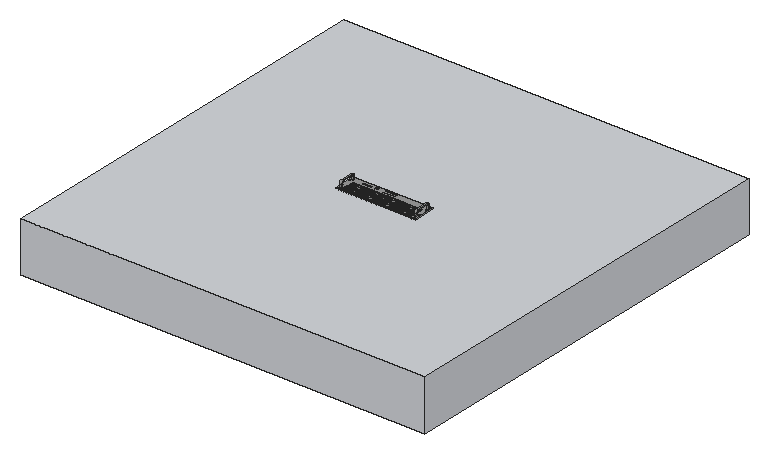
Revit family "IPS-10000", category Allgemeines Modell, Revit 2019 (continued)
Cuts and joins
  Extrusion 6, Extrusion 7, Extrusion 8, Extrusion 9, Extrusion 10, Extrusion 11, Extrusion 12, Extrusion 13, Extrusion 14, Extrusion 15, Extrusion 16, Extrusion 17, Extrusion 18, Extrusion 19, Extrusion 29, Extrusion 30, Extrusion 31, Extrusion 32, Extrusion 33, Extrusion 34, Extrusion 35, Extrusion 36, Extrusion 37, Extrusion 39, Extrusion 40, Extrusion 41, Extrusion 42, Extrusion 43, Extrusion 44, Extrusion 45, Extrusion 46, Extrusion 47, Extrusion 48, Extrusion 49, Extrusion 50, Extrusion 51, Extrusion 52, Extrusion 53, Extrusion 54, Extrusion 55, Extrusion 56, Extrusion 57, Extrusion 58, Extrusion 59, Extrusion 60, Extrusion 61, Extrusion 62, Extrusion 63, Extrusion 64, Extrusion 65, Extrusion 66, Extrusion 67, Extrusion 68, Extrusion 69, Extrusion 70, Extrusion 71, Extrusion 72, Extrusion 73, Extrusion 74, Extrusion 75, Extrusion 76, Extrusion 77, Extrusion 78, Extrusion 79, Extrusion 80, Extrusion 81, Extrusion 82, Extrusion 83, Extrusion 84, Extrusion 85, Extrusion 86, Extrusion 87, Extrusion 88, Extrusion 89, Extrusion 90, Extrusion 91, Extrusion 92, Extrusion 93, Extrusion 94, Extrusion 95, Extrusion 96, Extrusion 97, Extrusion 98, Extrusion 99, Extrusion 100, Extrusion 101, Extrusion 102, Extrusion 103, Extrusion 104, Extrusion 105, Extrusion 106, Extrusion 107, Extrusion 108, Extrusion 109, Extrusion 110, Extrusion 111, Extrusion 112, Extrusion 113, Extrusion 114, Extrusion 115, Extrusion 116, Extrusion 117, Extrusion 118, Extrusion 119, Extrusion 120, Extrusion 121, Extrusion 122, Extrusion 123, Extrusion 124, Extrusion 125, Extrusion 126, Extrusion 127, Extrusion 128, Extrusion 129, Extrusion 130, Extrusion 131, Extrusion 132, Extrusion 133, Extrusion 134, Extrusion 135, Extrusion 136, Extrusion 137, Extrusion 138, Extrusion 139, Extrusion 140, Extrusion 141, Extrusion 142, Extrusion 143, Extrusion 144, Extrusion 145, Extrusion 146, Extrusion 147, Extrusion 148, Extrusion 149, Extrusion 150, Extrusion 151, Extrusion 152, Extrusion 153, Extrusion 154, Extrusion 155, Extrusion 156, Extrusion 157, Extrusion 158, Extrusion 167, Extrusion 168, Extrusion 169, Extrusion 170, Extrusion 171, Extrusion 172, Extrusion 173, Extrusion 174, Extrusion 175, Extrusion 176, Extrusion 177, Extrusion 178, Extrusion 179, Extrusion 180, Extrusion 181, Extrusion 182, Extrusion 183, Extrusion 184, Extrusion 185, Extrusion 186, Extrusion 187, Extrusion 188, Extrusion 189, Extrusion 190, Extrusion 191, Extrusion 192, Extrusion 193, Extrusion 194, Extrusion 195, Extrusion 196, Extrusion 197, Extrusion 198, Extrusion 199, Extrusion 200, Extrusion 201, Extrusion 202, Extrusion 203, Extrusion 204, Extrusion 205, Extrusion 206, Extrusion 207, Extrusion 208, Extrusion 209, Extrusion 210, Extrusion 211, Extrusion 212, Extrusion 213, Extrusion 214, Extrusion 215, Extrusion 216, Extrusion 217, Extrusion 218, Extrusion 219, Extrusion 220, Extrusion 221, Extrusion 222, Extrusion 223, Extrusion 224, Extrusion 225, Extrusion 226, Extrusion 227, Extrusion 228, Extrusion 229, Extrusion 230, Extrusion 231, Extrusion 232, Extrusion 233, Extrusion 234, Extrusion 235, Extrusion 236, Extrusion 237, Extrusion 238, Extrusion 239, Extrusion 240, Extrusion 241, Extrusion 242, Extrusion 243, Extrusion 244, Extrusion 245, Extrusion 246, Extrusion 247, Extrusion 248, Extrusion 249, Extrusion 250, Extrusion 251, Extrusion 252, Extrusion 253, Extrusion 254, Extrusion 255, Extrusion 256, Extrusion 257, Extrusion 258, Extrusion 259, Extrusion 260, Extrusion 261, Extrusion 262, Extrusion 263, Extrusion 264, Extrusion 265, Extrusion 266, Extrusion 267, Extrusion 268, Extrusion 269, Extrusion 270, Extrusion 271, Extrusion 272, Extrusion 273, Extrusion 274, Extrusion 275, Extrusion 276, Extrusion 277, Extrusion 278, Extrusion 279, Extrusion 280, Extrusion 281, Extrusion 282, Extrusion 283, Extrusion 284, Extrusion 285, Extrusion 286, Extrusion 287, Extrusion 288, Extrusion 289, Extrusion 290, Extrusion 291, Extrusion 292, Extrusion 293, Extrusion 294, Extrusion 295, Extrusion 296, Extrusion 297, Extrusion 298, Extrusion 299, Extrusion 300, Extrusion 301, Extrusion 302, Extrusion 303, Extrusion 304, Extrusion 305, Extrusion 306, Extrusion 307, Extrusion 308, Extrusion 309, Extrusion 310, Extrusion 311, Extrusion 312, Extrusion 313, Extrusion 314, Extrusion 315, Extrusion 316, Extrusion 317, Extrusion 318, Extrusion 319, Extrusion 320, Extrusion 321, Extrusion 322, Extrusion 323, Extrusion 324, Extrusion 325, Extrusion 326, Extrusion 327, Extrusion 328, Extrusion 329, Extrusion 330, Extrusion 331, Extrusion 332, Extrusion 333, Extrusion 334, Extrusion 335, Extrusion 336, Extrusion 337, Extrusion 338, Extrusion 339, Extrusion 340, Extrusion 341, Extrusion 342, Extrusion 343, Extrusion 344, Extrusion 345, Extrusion 346, Extrusion 347, Extrusion 348, Extrusion 349, Extrusion 350, Extrusion 351, Extrusion 352, Extrusion 353, Extrusion 354, Extrusion 355, Extrusion 356, Extrusion 357, Extrusion 358, Extrusion 359, Extrusion 360, Extrusion 361, Extrusion 362, Extrusion 363, Extrusion 364, Extrusion 365, Extrusion 366, Extrusion 367, Extrusion 368, Extrusion 369, Extrusion 370, Extrusion 371, Extrusion 372, Extrusion 373, Extrusion 374, Extrusion 375, Extrusion 376, Extrusion 377, Extrusion 378, Extrusion 379, Extrusion 380, Extrusion 381, Extrusion 382, Extrusion 383, Extrusion 384, Extrusion 385, Extrusion 386, Extrusion 387, Extrusion 388, Extrusion 389, Extrusion 390, Extrusion 391, Extrusion 392, Extrusion 393, Extrusion 394, Extrusion 395, Extrusion 396, Extrusion 397, Extrusion 398, Extrusion 399, Extrusion 400, Extrusion 401, Extrusion 402, Extrusion 403, Extrusion 404, Extrusion 405, Extrusion 406, Extrusion 407, Extrusion 408, Extrusion 409, Extrusion 410, Extrusion 411, Extrusion 412, Extrusion 413, Extrusion 414, Extrusion 415, Extrusion 416, Extrusion 417, Extrusion 418, Extrusion 419, Extrusion 420, Extrusion 421, Extrusion 422, Extrusion 423, Extrusion 424, Extrusion 425, Extrusion 426, Extrusion 427, Extrusion 428, Extrusion 429, Extrusion 430, Extrusion 431, Extrusion 432, Extrusion 433, Extrusion 434, Extrusion 435, Extrusion 436, Extrusion 437, Extrusion 438, Extrusion 439, Extrusion 440, Extrusion 441, Extrusion 442, Extrusion 443, Extrusion 444, Extrusion 445, Extrusion 446, Extrusion 447, Extrusion 448, Extrusion 449, Extrusion 450, Extrusion 451, Extrusion 452, Extrusion 453, Extrusion 454, Extrusion 455, Extrusion 456, Extrusion 457, Extrusion 458, Extrusion 459, Extrusion 460, Extrusion 461, Extrusion 462, Extrusion 463, Extrusion 464, Extrusion 465, Extrusion 466, Extrusion 467, Extrusion 468, Extrusion 469, Extrusion 470, Extrusion 471, Extrusion 472, Extrusion 473, Extrusion 474, Extrusion 475, Extrusion 476, Extrusion 477, Extrusion 478, Extrusion 479, Extrusion 480, Extrusion 481, Extrusion 482, Extrusion 483, Extrusion 484, Extrusion 485, Extrusion 486, Extrusion 487, Extrusion 488, Extrusion 489, Extrusion 490, Extrusion 491, Extrusion 492, Extrusion 493, Extrusion 494, Extrusion 495, Extrusion 496, Extrusion 497, Extrusion 498, Extrusion 499, Extrusion 500, Extrusion 501, Extrusion 502, Extrusion 503, Extrusion 504, Extrusion 505, Extrusion 506, Extrusion 507, Extrusion 508, Extrusion 509, Extrusion 510, Extrusion 511, Extrusion 512, Extrusion 513, Extrusion 514, Extrusion 515, Extrusion 516, Extrusion 517, Extrusion 518, Extrusion 519, Extrusion 520, Extrusion 521, Extrusion 522, Extrusion 523, Extrusion 524, Extrusion 525, Extrusion 526, Extrusion 527, Extrusion 528, Extrusion 529, Extrusion 530, Extrusion 531, Extrusion 532, Extrusion 533, Extrusion 534, Extrusion 535, Extrusion 536, Extrusion 537, Extrusion 538, Extrusion 539, Extrusion 540, Extrusion 541, Extrusion 542, Extrusion 543, Extrusion 544, Extrusion 545, Extrusion 546, Extrusion 547, Extrusion 548, Extrusion 549, Extrusion 550, Extrusion 551, Extrusion 552, Extrusion 553, Extrusion 554, Extrusion 555, Extrusion 556, Extrusion 557, Extrusion 558, Extrusion 559, Extrusion 560, Extrusion 561, Extrusion 562, E
    xtrusion 563, Extrusion 564, Extrusion 565, Extrusion 566, Extrusion 567, Extrusion 568, Extrusion 569, Extrusion 570, Extrusion 571, Extrusion 572, Extrusion 573, Extrusion 574, Extrusion 575, Extrusion 576, Extrusion 577, Extrusion 578, Extrusion 579, Extrusion 580, Extrusion 581, Extrusion 582, Extrusion 583, Extrusion 584, Extrusion 585, Extrusion 586, Extrusion 587, Extrusion 588, Extrusion 589, Extrusion 590, Extrusion 591, Extrusion 592, Extrusion 593, Extrusion 594, Extrusion 595, Extrusion 596, Extrusion 597, Extrusion 598, Extrusion 599, Extrusion 600, Extrusion 601, Extrusion 602, Extrusion 603, Extrusion 604, Extrusion 605, Extrusion 606, Extrusion 607, Extrusion 608, Extrusion 609, Extrusion 610, Extrusion 611, Extrusion 612, Extrusion 613, Extrusion 614, Extrusion 615, Extrusion 616, Extrusion 617, Extrusion 618, Extrusion 619, Extrusion 620, Extrusion 621, Extrusion 622, Extrusion 623, Extrusion 624, Extrusion 625, Extrusion 626, Extrusion 627, Extrusion 628, Extrusion 629, Extrusion 630 cuts Extrusion 3
Lines and regions (mm)
  reference lines
    curve 1: line (-155.958, 66.5, 0) -> (-155.958, -66.5, 0)
  model lines
    curve 2: line (-155.958, 66.5, 0) -> (-155.958, -66.5, 0)
Dimensions and locks
  locked: Extrusion 2 sketch curve to Extrusion 2 sketch curve at 442
  locked: Extrusion 2 sketch curve to Extrusion 2 sketch curve at 133
  Extrusion 2 sketch curve to plane 1 "Mitte (Vorne/hinten)" = 66.5 mm
  Sweep 4 sketch curve to Sweep 4 sketch curve = 93 mm
  Sweep 4 sketch curve to Extrusion 3 = 20 mm
  Extrusion 3 to Sweep 4 sketch curve = 20 mm
  Extrusion 3 to Sweep 4 sketch curve = 30.102 mm
  Sweep 5 sketch curve to Sweep 5 sketch curve = 93 mm
  Extrusion 6 to plane 3 "Mitte (Links/rechts)" = 205.958 mm
  equal spacing: group 1, group 2, group 3, group 4  (x3)
  equal spacing: group 5, group 6, group 7, group 8  (x3)
  Extrusion 28 sketch curve to cut or joined group 1 (Extrusion 2, Extrusion 6, Extrusion 7, Extrusion 8, Extrusion 9, Extrusion 10, Extrusion 11, Extrusion 12, Extrusion 13, Extrusion 14, Extrusion 15, Extrusion 28, Extrusion 29, Extrusion 30, Extrusion 31, Extrusion 32, Extrusion 33, Extrusion 34, Extrusion 35, Extrusion 36, Extrusion 37, Extrusion 39, Extrusion 40, Extrusion 41, Extrusion 42, Extrusion 43, Extrusion 44, Extrusion 45, Extrusion 46, Extrusion 47, Extrusion 48, Extrusion 49, Extrusion 50, Extrusion 51, Extrusion 52, Extrusion 53, Extrusion 54, Extrusion 55, Extrusion 56, Extrusion 57, Extrusion 58, Extrusion 59, Extrusion 60, Extrusion 61, Extrusion 62, Extrusion 63, Extrusion 64, Extrusion 65, Extrusion 66, Extrusion 67, Extrusion 68, Extrusion 69, Extrusion 70, Extrusion 71, Extrusion 72, Extrusion 73, Extrusion 74, Extrusion 75, Extrusion 76, Extrusion 77, Extrusion 78, Extrusion 79, Extrusion 80, Extrusion 81, Extrusion 82, Extrusion 83, Extrusion 84, Extrusion 85, Extrusion 86, Extrusion 87, Extrusion 88, Extrusion 89, Extrusion 90, Extrusion 91, Extrusion 92, Extrusion 93, Extrusion 94) = 43.548 mm
  Extrusion 28 sketch curve to Extrusion 28 sketch curve = 43.913 mm
  cut or joined group 1 to Extrusion 28 sketch curve = 43.881 mm
  equal spacing: group 9, group 10, group 11, group 12, group 13, group 14, group 15, group 16  (x3)
  equal spacing: group 19, group 20, group 21, group 22, group 23, group 24, group 25, group 26  (x3)
  equal spacing: group 17, group 27, group 36, group 45  (x2)
  equal spacing: group 45, group 36, group 27, group 17
  equal spacing: group 28, group 29, group 30, group 31, group 32, group 33, group 34, group 35  (x3)
  equal spacing: group 37, group 38, group 39, group 40, group 41, group 42, group 43, group 44  (x3)
  equal spacing: group 46, group 47, group 48, group 49, group 50, group 51, group 52, group 53  (x3)
  equal spacing: group 55, group 56, group 57, group 58, group 59, group 60, group 61, group 62  (x3)
  equal spacing: group 64, group 65, group 66, group 67, group 68, group 69, group 70, group 71  (x3)
  equal spacing: group 73, group 74, group 75, group 76, group 77, group 78, group 79, group 80  (x3)
  equal spacing: group 82, group 83, group 84, group 85, group 86, group 87, group 88, group 89  (x3)
  equal spacing: group 91, group 92, group 93, group 94, group 95, group 96, group 97, group 98  (x3)
  equal spacing: group 100, group 101, group 102, group 103, group 104, group 105, group 106, group 107  (x3)
  equal spacing: group 109, group 110, group 111, group 112, group 113, group 114, group 115, group 116  (x3)
  equal spacing: group 118, group 119, group 120, group 121, group 122, group 123, group 124, group 125  (x3)
  equal spacing: group 127, group 128, group 129, group 130, group 131, group 132, group 133, group 134  (x3)
  equal spacing: group 136, group 137, group 138, group 139, group 140, group 141, group 142, group 143  (x3)
  equal spacing: group 145, group 146, group 147, group 148, group 149, group 150, group 151, group 152  (x3)
  equal spacing: group 154, group 155, group 156, group 157, group 158, group 159, group 160, group 161  (x3)
  equal spacing: group 164, group 165, group 166, group 167, group 168, group 169, group 170, group 171  (x3)
  equal spacing: group 173, group 174, group 175, group 176, group 177, group 178, group 179, group 180  (x3)
  equal spacing: group 172, group 181, group 190, group 199  (x2)
  equal spacing: group 199, group 190, group 181, group 172
  equal spacing: group 182, group 183, group 184, group 185, group 186, group 187, group 188, group 189  (x3)
  equal spacing: group 191, group 192, group 193, group 194, group 195, group 196, group 197, group 198  (x3)
  equal spacing: group 200, group 201, group 202, group 203, group 204, group 205, group 206, group 207  (x3)
  equal spacing: group 209, group 210, group 211, group 212, group 213, group 214, group 215, group 216  (x3)
  equal spacing: group 218, group 219, group 220, group 221, group 222, group 223, group 224, group 225  (x3)
  equal spacing: group 227, group 228, group 229, group 230, group 231, group 232, group 233, group 234  (x3)
  equal spacing: group 236, group 237, group 238, group 239, group 240, group 241, group 242, group 243  (x3)
  equal spacing: group 245, group 246, group 247, group 248, group 249, group 250, group 251, group 252  (x3)
  equal spacing: group 254, group 255, group 256, group 257, group 258, group 259, group 260, group 261  (x3)
  equal spacing: group 263, group 264, group 265, group 266, group 267, group 268, group 269, group 270  (x3)
  equal spacing: group 272, group 273, group 274, group 275, group 276, group 277, group 278, group 279  (x3)
  equal spacing: group 281, group 282, group 283, group 284, group 285, group 286, group 287, group 288  (x3)
  equal spacing: group 290, group 291, group 292, group 293, group 294, group 295, group 296, group 297  (x3)
  equal spacing: group 299, group 300, group 301, group 302, group 303, group 304, group 305, group 306  (x3)
  equal spacing: group 163, group 308, group 453, group 598  (x3)
  equal spacing: group 309, group 310, group 311, group 312, group 313, group 314, group 315, group 316  (x3)
  equal spacing: group 318, group 319, group 320, group 321, group 322, group 323, group 324, group 325  (x3)
  equal spacing: group 317, group 326, group 335, group 344  (x2)
  equal spacing: group 344, group 335, group 326, group 317
  equal spacing: group 327, group 328, group 329, group 330, group 331, group 332, group 333, group 334  (x3)
  equal spacing: group 336, group 337, group 338, group 339, group 340, group 341, group 342, group 343  (x3)
  equal spacing: group 345, group 346, group 347, group 348, group 349, group 350, group 351, group 352  (x3)
  equal spacing: group 354, group 355, group 356, group 357, group 358, group 359, group 360, group 361  (x3)
  equal spacing: group 363, group 364, group 365, group 366, group 367, group 368, group 369, group 370  (x3)
  equal spacing: group 372, group 373, group 374, group 375, group 376, group 377, group 378, group 379  (x3)
  equal spacing: group 381, group 382, group 383, group 384, group 385, group 386, group 387, group 388  (x3)
  equal spacing: group 390, group 391, group 392, group 393, group 394, group 395, group 396, group 397  (x3)
  equal spacing: group 399, group 400, group 401, group 402, group 403, group 404, group 405, group 406  (x3)
  equal spacing: group 408, group 409, group 410, group 411, group 412, group 413, group 414, group 415  (x3)
  equal spacing: group 417, group 418, group 419, group 420, group 421, group 422, group 423, group 424  (x3)
  equal spacing: group 426, group 427, group 428, group 429, group 430, group 431, group 432, group 433  (x3)
  equal spacing: group 435, group 436, group 437, group 438, group 439, group 440, group 441, group 442  (x3)
  equal spacing: group 444, group 445, group 446, group 447, group 448, group 449, group 450, group 451  (x3)
  equal spacing: group 454, group 455, group 456, group 457, group 458, group 459, group 460, group 461  (x3)
  equal spacing: group 463, group 464, group 465, group 466, group 467, group 468, group 469, group 470  (x3)
  equal spacing: group 462, group 471, group 480, group 489  (x2)
  equal spacing: group 489, group 480, group 471, group 462
  equal spacing: group 472, group 473, group 474, group 475, group 476, group 477, group 478, group 479  (x3)
  equal spacing: group 481, group 482, group 483, group 484, group 485, group 486, group 487, group 488  (x3)
  equal spacing: group 490, group 491, group 492, group 493, group 494, group 495, group 496, group 497  (x3)
  equal spacing: group 499, group 500, group 501, group 502, group 503, group 504, group 505, group 506  (x3)
  equal spacing: group 508, group 509, group 510, group 511, group 512, group 513, group 514, group 515  (x3)
  equal spacing: group 517, group 518, group 519, group 520, group 521, group 522, group 523, group 524  (x3)
  equal spacing: group 526, group 527, group 528, group 529, group 530, group 531, group 532, group 533  (x3)
  equal spacing: group 535, group 536, group 537, group 538, group 539, group 540, group 541, group 542  (x3)
  equal spacing: group 544, group 545, group 546, group 547, group 548, group 549, group 550, group 551  (x3)
  equal spacing: group 553, group 554, group 555, group 556, group 557, group 558, group 559, group 560  (x3)
  equal spacing: group 562, group 563, group 564, group 565, group 566, group 567, group 568, group 569  (x3)
  equal spacing: group 571, group 572, group 573, group 574, group 575, group 576, group 577, group 578  (x3)
  equal spacing: group 580, group 581, group 582, group 583, group 584, group 585, group 586, group 587  (x3)
  equal spacing: group 589, group 590, group 591, group 592, group 593, group 594, group 595, group 596  (x3)
  equal spacing: group 619, group 640, group 661, group 682  (x2)
  equal spacing: group 682, group 661, group 640, group 619
  cut or joined group of Extrusion 3, Extrusion 6, Extrusion 7, Extrusion 8, Extrusion 9, Extrusion 10, Extrusion 11, Extrusion 12, Extrusion 13, Extrusion 14, Extrusion 15, Extrusion 16, Extrusion 17, Extrusion 18, Extrusion 19, Extrusion 29, Extrusion 30, Extrusion 31, Extrusion 32, Extrusion 33, Extrusion 34, Extrusion 35, Extrusion 36, Extrusion 37, Extrusion 39, Extrusion 40, Extrusion 41, Extrusion 42, Extrusion 43, Extrusion 44, Extrusion 45, Extrusion 46, Extrusion 47, Extrusion 48, Extrusion 49, Extrusion 50, Extrusion 51, Extrusion 52, Extrusion 53, Extrusion 54, Extrusion 55, Extrusion 56, Extrusion 57, Extrusion 58, Extrusion 59, Extrusion 60, Extrusion 61, Extrusion 62, Extrusion 63, Extrusion 64, Extrusion 65, Extrusion 66, Extrusion 67, Extrusion 68, Extrusion 69, Extrusion 70, Extrusion 71, Extrusion 72, Extrusion 73, Extrusion 74, Extrusion 75, Extrusion 76, Extrusion 77, Extrusion 78, Extrusion 79, Extrusion 80, Extrusion 81, Extrusion 82, Extrusion 83, Extrusion 84, Extrusion 85, Extrusion 86, Extrusion 87, Extrusion 88, Extrusion 89, Extrusion 90, Extrusion 91, Extrusion 92, Extrusion 93, Extrusion 94, Extrusion 95, Extrusion 96, Extrusion 97, Extrusion 98, Extrusion 99, Extrusion 100, Extrusion 101, Extrusion 102, Extrusion 103, Extrusion 104, Extrusion 105, Extrusion 106, Extrusion 107, Extrusion 108, Extrusion 109, Extrusion 110, Extrusion 111, Extrusion 112, Extrusion 113, Extrusion 114, Extrusion 115, Extrusion 116, Extrusion 117, Extrusion 118, Extrusion 119, Extrusion 120, Extrusion 121, Extrusion 122, Extrusion 123, Extrusion 124, Extrusion 125, Extrusion 126, Extrusion 127, Extrusion 128, Extrusion 129, Extrusion 130, Extrusion 131, Extrusion 132, Extrusion 133, Extrusion 134, Extrusion 135, Extrusion 136, Extrusion 137, Extrusion 138, Extrusion 139, Extrusion 140, Extrusion 141, Extrusion 142, Extrusion 143, Extrusion 144, Extrusion 145, Extrusion 146, Extrusion 147, Extrusion 148, Extrusion 149, Extrusion 150, Extrusion 151, Extrusion 152, Extrusion 153, Extrusion 154, Extrusion 155, Extrusion 156, Extrusion 157, Extrusion 158, Extrusion 167, Extrusion 168, Extrusion 169, Extrusion 170, Extrusion 171, Extrusion 172, Extrusion 173, Extrusion 174, Extrusion 175, Extrusion 176, Extrusion 177, Extrusion 178, Extrusion 179, Extrusion 180, Extrusion 181, Extrusion 182, Extrusion 183, Extrusion 184, Extrusion 185, Extrusion 186, Extrusion 187, Extrusion 188, Extrusion 189, Extrusion 190, Extrusion 191, Extrusion 192, Extrusion 193, Extrusion 194, Extrusion 195, Extrusion 196, Extrusion 197, Extrusion 198, Extrusion 199, Extrusion 200, Extrusion 201, Extrusion 202, Extrusion 203, Extrusion 204, Extrusion 205, Extrusion 206, Extrusion 207, Extrusion 208, Extrusion 209, Extrusion 210, Extrusion 211, Extrusion 212, Extrusion 213, Extrusion 214, Extrusion 215, Extrusion 216, Extrusion 217, Extrusion 218, Extrusion 219, Extrusion 220, Extrusion 221, Extrusion 222, Extrusion 223, Extrusion 224, Extrusion 225, Extrusion 226, Extrusion 227, Extrusion 228, Extrusion 229, Extrusion 230, Extrusion 231, Extrusion 232, Extrusion 233, Extrusion 234, Extrusion 235, Extrusion 236, Extrusion 237, Extrusion 238, Extrusion 239, Extrusion 240, Extrusion 241, Extrusion 242, Extrusion 243, Extrusion 244, Extrusion 245, Extrusion 246, Extrusion 247, Extrusion 248, Extrusion 249, Extrusion 250, Extrusion 251, Extrusion 252, Extrusion 253, Extrusion 254, Extrusion 255, Extrusion 256, Extrusion 257, Extrusion 258, Extrusion 259, Extrusion 260, Extrusion 261, Extrusion 262, Extrusion 263, Extrusion 264, Extrusion 265, Extrusion 266, Extrusion 267, Extrusion 268, Extrusion 269, Extrusion 270, Extrusion 271, Extrusion 272, Extrusion 273, Extrusion 274, Extrusion 275, Extrusion 276, Extrusion 277, Extrusion 278, Extrusion 279, Extrusion 280, Extrusion 281, Extrusion 282, Extrusion 283, Extrusion 284, Extrusion 285, Extrusion 286, Extrusion 287, Extrusion 288, Extrusion 289, Extrusion 290, Extrusion 291, Extrusion 292, Extrusion 293, Extrusion 294, Extrusion 295, Extrusion 296, Extrusion 297, Extrusion 298, Extrusion 299, Extrusion 300, Extrusion 301, Extrusion 302, Extrusion 303, Extrusion 304, Extrusion 305, Extrusion 306, Extrusion 307, Extrusion 308, Extrusion 309, Extrusion 310, Extrusion 311, Extrusion 312, Extrusion 313, Extrusion 314, Extrusion 315, Extrusion 316, Extrusion 317, Extrusion 318, Extrusion 319, Extrusion 320, Extrusion 321, Extrusion 322, Extrusion 323, Extrusion 324, Extrusion 325, Extrusion 326, Extrusion 327, Extrusion 328, Extrusion 329, Extrusion 330, Extrusion 331, Extrusion 332, Extrusion 333, Extrusion 334, Extrusion 335, Extrusion 336, Extrusion 337, Extrusion 338, Extrusion 339, Extrusion 340, Extrusion 341, Extrusion 342, Extrusion 343, Extrusion 344, Extrusion 345, Extrusion 346, Extrusion 347, Extrusion 348, Extrusion 349, Extrusion 350, Extrusion 351, Extrusion 352, Extrusion 353, Extrusion 354, Extrusion 355, Extrusion 356, Extrusion 357, Extrusion 358, Extrusion 359, Extrusion 360, Extrusion 361, Extrusion 362, Extrusion 363, Extrusion 364, Extrusion 365, Extrusion 366, Extrusion 367, Extrusion 368, Extrusion 369, Extrusion 370, Extrusion 371, Extrusion 372, Extrusion 373, Extrusion 374, Extrusion 375, Extrusion 376, Extrusion 377, Extrusion 378, Extrusion 379, Extrusion 380, Extrusion 381, Extrusion 382, Extrusion 383, Extrusion 384, Extrusion 385, Extrusion 386, Extrusion 387, Extrusion 388, Extrusion 389, Extrusion 390, Extrusion 391, Extrusion 392, Extrusion 393, Extrusion 394, Extrusion 395, Extrusion 396, Extrusion 397, Extrusion 398, Extrusion 399, Extrusion 400, Extrusion 401, Extrusion 402, Extrusion 403, Extrusion 404, Extrusion 405, Extrusion 406, Extrusion 407, Extrusion 408, Extrusion 409, Extrusion 410, Extrusion 411, Extrusion 412, Extrusion 413, Extrusion 414, Extrusion 415, Extrusion 416, Extrusion 417, Extrusion 418, Extrusion 419, Extrusion 420, Extrusion 421, Extrusion 422, Extrusion 423, Extrusion 424, Extrusion 425, Extrusion 426, Extrusion 427, Extrusion 428, Extrusion 429, Extrusion 430, Extrusion 431, Extrusion 432, Extrusion 433, Extrusion 434, Extrusion 435, Extrusion 436, Extrusion 437, Extrusion 438, Extrusion 439, Extrusion 440, Extrusion 441, Extrusion 442, Extrusion 443, Extrusion 444, Extrusion 445, Extrusion 446, Extrusion 447, Extrusion 448, Extrusion 449, Extrusion 450, Extrusion 451, Extrusion 452, Extrusion 453, Extrusion 454, Extrusion 455, Extrusion 456, Extrusion 457, Extrusion 458, Extrusion 459, Extrusion 460, Extrusion 461, Extrusion 462, Extrusion 463, Extrusion 464, Extrusion 465, Extrusion 466, Extrusion 467, Extrusion 468, Extrusion 469, Extrusion 470, Extrusion 471, Extrusion 472, Extrusion 473, Extrusion 474, Extrusion 475, Extrusion 476, Extrusion 477, Extrusion 478, Extrusion 479, Extrusion 480, Extrusion 481, Extrusion 482, Extrusion 483, Extrusion 484, Extrusion 485, Extrusion 486, Extrusion 487, Extrusion 488, Extrusion 489, Extrusion 490, Extrusion 491, Extrusion 492, Extrusion 493, Extrusion 494, Extrusion 495, Extrusion 496, Extrusion 497, Extrusion 498, Extrusion 499, Extrusion 500, Extrusion 501, Extrusion 502, Extrusion 503, Extrusion 504, Extrusion 505, Extrusion 506, Extrusion 507, Extrusion 508, Extrusion 509, Extrusion 510, Extrusion 511, Extrusion 512, Extrusion 513, Extrusion 514, Extrusion 515, Extrusion 516, Extrusion 517, Extrusion 518, Extrusion 519, Extrusion 520, Extrusion 521, Extrusion 522, Extrusion 523, Extrusion 524, Extrusion 525, Extrusion 526, Extrusion 527, Extrusion 528, Extrusion 529, Extrusion 530, Extrusion 531, Extrusion 532, Extrusion 533, Extrusion 534, Extrusion 535, Extrusion 536, Extrusion 537, Extrusion 538, Extrusion 539, Extrusion 540, Extrusion 541, Extrusion 542, Extrusion 543, Extrusion 544, Extrusion 545, Extrusion 546, Extrusion 547, Extrusion 548, Extrusion 549, Extrusion 550, Extrusion 551, Extrusion 552, Extrusion 553, Extrusion 554, Extrusion 555, Extrusion 556, Extrusion 557, Extrusion 558, Extrusion 559, Extrusion 
    560, Extrusion 561, Extrusion 562, Extrusion 563, Extrusion 564, Extrusion 565, Extrusion 566, Extrusion 567, Extrusion 568, Extrusion 569, Extrusion 570, Extrusion 571, Extrusion 572, Extrusion 573, Extrusion 574, Extrusion 575, Extrusion 576, Extrusion 577, Extrusion 578, Extrusion 579, Extrusion 580, Extrusion 581, Extrusion 582, Extrusion 583, Extrusion 584, Extrusion 585, Extrusion 586, Extrusion 587, Extrusion 588, Extrusion 589, Extrusion 590, Extrusion 591, Extrusion 592, Extrusion 593, Extrusion 594, Extrusion 595, Extrusion 596, Extrusion 597, Extrusion 598, Extrusion 599, Extrusion 600, Extrusion 601, Extrusion 602, Extrusion 603, Extrusion 604, Extrusion 605, Extrusion 606, Extrusion 607, Extrusion 608, Extrusion 609, Extrusion 610, Extrusion 611, Extrusion 612, Extrusion 613, Extrusion 614, Extrusion 615, Extrusion 616, Extrusion 617, Extrusion 618, Extrusion 619, Extrusion 620, Extrusion 621, Extrusion 622, Extrusion 623, Extrusion 624, Extrusion 625, Extrusion 626, Extrusion 627, Extrusion 628, Extrusion 629, Extrusion 630 to Sweep 5 sketch curve = 20 mm
  Sweep 5 sketch curve to cut or joined group 2 (Extrusion 3, Extrusion 6, Extrusion 7, Extrusion 8, Extrusion 9, Extrusion 10, Extrusion 11, Extrusion 12, Extrusion 13, Extrusion 14, Extrusion 15, Extrusion 16, Extrusion 17, Extrusion 18, Extrusion 19, Extrusion 29, Extrusion 30, Extrusion 31, Extrusion 32, Extrusion 33, Extrusion 34, Extrusion 35, Extrusion 36, Extrusion 37, Extrusion 39, Extrusion 40, Extrusion 41, Extrusion 42, Extrusion 43, Extrusion 44, Extrusion 45, Extrusion 46, Extrusion 47, Extrusion 48, Extrusion 49, Extrusion 50, Extrusion 51, Extrusion 52, Extrusion 53, Extrusion 54, Extrusion 55, Extrusion 56, Extrusion 57, Extrusion 58, Extrusion 59, Extrusion 60, Extrusion 61, Extrusion 62, Extrusion 63, Extrusion 64, Extrusion 65, Extrusion 66, Extrusion 67, Extrusion 68, Extrusion 69, Extrusion 70, Extrusion 71, Extrusion 72, Extrusion 73, Extrusion 74, Extrusion 75, Extrusion 76, Extrusion 77, Extrusion 78, Extrusion 79, Extrusion 80, Extrusion 81, Extrusion 82, Extrusion 83, Extrusion 84, Extrusion 85, Extrusion 86, Extrusion 87, Extrusion 88, Extrusion 89, Extrusion 90, Extrusion 91, Extrusion 92, Extrusion 93, Extrusion 94, Extrusion 95, Extrusion 96, Extrusion 97, Extrusion 98, Extrusion 99, Extrusion 100, Extrusion 101, Extrusion 102, Extrusion 103, Extrusion 104, Extrusion 105, Extrusion 106, Extrusion 107, Extrusion 108, Extrusion 109, Extrusion 110, Extrusion 111, Extrusion 112, Extrusion 113, Extrusion 114, Extrusion 115, Extrusion 116, Extrusion 117, Extrusion 118, Extrusion 119, Extrusion 120, Extrusion 121, Extrusion 122, Extrusion 123, Extrusion 124, Extrusion 125, Extrusion 126, Extrusion 127, Extrusion 128, Extrusion 129, Extrusion 130, Extrusion 131, Extrusion 132, Extrusion 133, Extrusion 134, Extrusion 135, Extrusion 136, Extrusion 137, Extrusion 138, Extrusion 139, Extrusion 140, Extrusion 141, Extrusion 142, Extrusion 143, Extrusion 144, Extrusion 145, Extrusion 146, Extrusion 147, Extrusion 148, Extrusion 149, Extrusion 150, Extrusion 151, Extrusion 152, Extrusion 153, Extrusion 154, Extrusion 155, Extrusion 156, Extrusion 157, Extrusion 158, Extrusion 167, Extrusion 168, Extrusion 169, Extrusion 170, Extrusion 171, Extrusion 172, Extrusion 173, Extrusion 174, Extrusion 175, Extrusion 176, Extrusion 177, Extrusion 178, Extrusion 179, Extrusion 180, Extrusion 181, Extrusion 182, Extrusion 183, Extrusion 184, Extrusion 185, Extrusion 186, Extrusion 187, Extrusion 188, Extrusion 189, Extrusion 190, Extrusion 191, Extrusion 192, Extrusion 193, Extrusion 194, Extrusion 195, Extrusion 196, Extrusion 197, Extrusion 198, Extrusion 199, Extrusion 200, Extrusion 201, Extrusion 202, Extrusion 203, Extrusion 204, Extrusion 205, Extrusion 206, Extrusion 207, Extrusion 208, Extrusion 209, Extrusion 210, Extrusion 211, Extrusion 212, Extrusion 213, Extrusion 214, Extrusion 215, Extrusion 216, Extrusion 217, Extrusion 218, Extrusion 219, Extrusion 220, Extrusion 221, Extrusion 222, Extrusion 223, Extrusion 224, Extrusion 225, Extrusion 226, Extrusion 227, Extrusion 228, Extrusion 229, Extrusion 230, Extrusion 231, Extrusion 232, Extrusion 233, Extrusion 234, Extrusion 235, Extrusion 236, Extrusion 237, Extrusion 238, Extrusion 239, Extrusion 240, Extrusion 241, Extrusion 242, Extrusion 243, Extrusion 244, Extrusion 245, Extrusion 246, Extrusion 247, Extrusion 248, Extrusion 249, Extrusion 250, Extrusion 251, Extrusion 252, Extrusion 253, Extrusion 254, Extrusion 255, Extrusion 256, Extrusion 257, Extrusion 258, Extrusion 259, Extrusion 260, Extrusion 261, Extrusion 262, Extrusion 263, Extrusion 264, Extrusion 265, Extrusion 266, Extrusion 267, Extrusion 268, Extrusion 269, Extrusion 270, Extrusion 271, Extrusion 272, Extrusion 273, Extrusion 274, Extrusion 275, Extrusion 276, Extrusion 277, Extrusion 278, Extrusion 279, Extrusion 280, Extrusion 281, Extrusion 282, Extrusion 283, Extrusion 284, Extrusion 285, Extrusion 286, Extrusion 287, Extrusion 288, Extrusion 289, Extrusion 290, Extrusion 291, Extrusion 292, Extrusion 293, Extrusion 294, Extrusion 295, Extrusion 296, Extrusion 297, Extrusion 298, Extrusion 299, Extrusion 300, Extrusion 301, Extrusion 302, Extrusion 303, Extrusion 304, Extrusion 305, Extrusion 306, Extrusion 307, Extrusion 308, Extrusion 309, Extrusion 310, Extrusion 311, Extrusion 312, Extrusion 313, Extrusion 314, Extrusion 315, Extrusion 316, Extrusion 317, Extrusion 318, Extrusion 319, Extrusion 320, Extrusion 321, Extrusion 322, Extrusion 323, Extrusion 324, Extrusion 325, Extrusion 326, Extrusion 327, Extrusion 328, Extrusion 329, Extrusion 330, Extrusion 331, Extrusion 332, Extrusion 333, Extrusion 334, Extrusion 335, Extrusion 336, Extrusion 337, Extrusion 338, Extrusion 339, Extrusion 340, Extrusion 341, Extrusion 342, Extrusion 343, Extrusion 344, Extrusion 345, Extrusion 346, Extrusion 347, Extrusion 348, Extrusion 349, Extrusion 350, Extrusion 351, Extrusion 352, Extrusion 353, Extrusion 354, Extrusion 355, Extrusion 356, Extrusion 357, Extrusion 358, Extrusion 359, Extrusion 360, Extrusion 361, Extrusion 362, Extrusion 363, Extrusion 364, Extrusion 365, Extrusion 366, Extrusion 367, Extrusion 368, Extrusion 369, Extrusion 370, Extrusion 371, Extrusion 372, Extrusion 373, Extrusion 374, Extrusion 375, Extrusion 376, Extrusion 377, Extrusion 378, Extrusion 379, Extrusion 380, Extrusion 381, Extrusion 382, Extrusion 383, Extrusion 384, Extrusion 385, Extrusion 386, Extrusion 387, Extrusion 388, Extrusion 389, Extrusion 390, Extrusion 391, Extrusion 392, Extrusion 393, Extrusion 394, Extrusion 395, Extrusion 396, Extrusion 397, Extrusion 398, Extrusion 399, Extrusion 400, Extrusion 401, Extrusion 402, Extrusion 403, Extrusion 404, Extrusion 405, Extrusion 406, Extrusion 407, Extrusion 408, Extrusion 409, Extrusion 410, Extrusion 411, Extrusion 412, Extrusion 413, Extrusion 414, Extrusion 415, Extrusion 416, Extrusion 417, Extrusion 418, Extrusion 419, Extrusion 420, Extrusion 421, Extrusion 422, Extrusion 423, Extrusion 424, Extrusion 425, Extrusion 426, Extrusion 427, Extrusion 428, Extrusion 429, Extrusion 430, Extrusion 431, Extrusion 432, Extrusion 433, Extrusion 434, Extrusion 435, Extrusion 436, Extrusion 437, Extrusion 438, Extrusion 439, Extrusion 440, Extrusion 441, Extrusion 442, Extrusion 443, Extrusion 444, Extrusion 445, Extrusion 446, Extrusion 447, Extrusion 448, Extrusion 449, Extrusion 450, Extrusion 451, Extrusion 452, Extrusion 453, Extrusion 454, Extrusion 455, Extrusion 456, Extrusion 457, Extrusion 458, Extrusion 459, Extrusion 460, Extrusion 461, Extrusion 462, Extrusion 463, Extrusion 464, Extrusion 465, Extrusion 466, Extrusion 467, Extrusion 468, Extrusion 469, Extrusion 470, Extrusion 471, Extrusion 472, Extrusion 473, Extrusion 474, Extrusion 475, Extrusion 476, Extrusion 477, Extrusion 478, Extrusion 479, Extrusion 480, Extrusion 481, Extrusion 482, Extrusion 483, Extrusion 484, Extrusion 485, Extrusion 486, Extrusion 487, Extrusion 488, Extrusion 489, Extrusion 490, Extrusion 491, Extrusion 492, Extrusion 493, Extrusion 494, Extrusion 495, Extrusion 496, Extrusion 497, Extrusion 498, Extrusion 499, Extrusion 500, Extrusion 501, Extrusion 502, Extrusion 503, Extrusion 504, Extrusion 505, Extrusion 506, Extrusion 507, Extrusion 508, Extrusion 509, Extrusion 510, Extrusion 511, Extrusion 512, Extrusion 513, Extrusion 514, Extrusion 515, Extrusion 516, Extrusion 517, Extrusion 518, Extrusion 519, Extrusion 520, Extrusion 521, Extrusion 522, Extrusion 523, Extrusion 524, Extrusion 525, Extrusion 526, Extrusion 527, Extrusion 528, Extrusion 529, Extrusion 530, Extrusion 531, Extrusion 532, Extrusion 533, Extrusion 534, Extrusion 535, Extrusion 536, Extrusion 537, Extrusion 538, Extrusion 539, Extrusion 540, Extrusion 541, Extrusion 542, Extrusion 543, Extrusion 544, Extrusion 545, Extrusion 546, Extrusion 547, Extrusion 548, Extrusion 549, Extrusion 550, Extrusion 551, Extrusion 552, Extrusion 553, Extrusion 554, Extrusion 555, Extrusion 556, Extrusion 557, Extrusion 558), E
    xtrusion 559, Extrusion 560, Extrusion 561, Extrusion 562, Extrusion 563, Extrusion 564, Extrusion 565, Extrusion 566, Extrusion 567, Extrusion 568, Extrusion 569, Extrusion 570, Extrusion 571, Extrusion 572, Extrusion 573, Extrusion 574, Extrusion 575, Extrusion 576, Extrusion 577, Extrusion 578, Extrusion 579, Extrusion 580, Extrusion 581, Extrusion 582, Extrusion 583, Extrusion 584, Extrusion 585, Extrusion 586, Extrusion 587, Extrusion 588, Extrusion 589, Extrusion 590, Extrusion 591, Extrusion 592, Extrusion 593, Extrusion 594, Extrusion 595, Extrusion 596, Extrusion 597, Extrusion 598, Extrusion 599, Extrusion 600, Extrusion 601, Extrusion 602, Extrusion 603, Extrusion 604, Extrusion 605, Extrusion 606, Extrusion 607, Extrusion 608, Extrusion 609, Extrusion 610, Extrusion 611, Extrusion 612, Extrusion 613, Extrusion 614, Extrusion 615, Extrusion 616, Extrusion 617, Extrusion 618, Extrusion 619, Extrusion 620, Extrusion 621, Extrusion 622, Extrusion 623, Extrusion 624, Extrusion 625, Extrusion 626, Extrusion 627, Extrusion 628, Extrusion 629, Extrusion 630 = 20 mm
  Sweep 5 sketch curve to cut or joined group 2, E
    xtrusion 559, Extrusion 560, Extrusion 561, Extrusion 562, Extrusion 563, Extrusion 564, Extrusion 565, Extrusion 566, Extrusion 567, Extrusion 568, Extrusion 569, Extrusion 570, Extrusion 571, Extrusion 572, Extrusion 573, Extrusion 574, Extrusion 575, Extrusion 576, Extrusion 577, Extrusion 578, Extrusion 579, Extrusion 580, Extrusion 581, Extrusion 582, Extrusion 583, Extrusion 584, Extrusion 585, Extrusion 586, Extrusion 587, Extrusion 588, Extrusion 589, Extrusion 590, Extrusion 591, Extrusion 592, Extrusion 593, Extrusion 594, Extrusion 595, Extrusion 596, Extrusion 597, Extrusion 598, Extrusion 599, Extrusion 600, Extrusion 601, Extrusion 602, Extrusion 603, Extrusion 604, Extrusion 605, Extrusion 606, Extrusion 607, Extrusion 608, Extrusion 609, Extrusion 610, Extrusion 611, Extrusion 612, Extrusion 613, Extrusion 614, Extrusion 615, Extrusion 616, Extrusion 617, Extrusion 618, Extrusion 619, Extrusion 620, Extrusion 621, Extrusion 622, Extrusion 623, Extrusion 624, Extrusion 625, Extrusion 626, Extrusion 627, Extrusion 628, Extrusion 629, Extrusion 630 = 30.135 mm
  aligned and locked: plane 2 to Extrusion 1
  aligned and locked: level to Extrusion 1
Connectors
  electrical at (168.5, 44.726, -531.163), driven by "voltage supply"
    settings: on cut or joined group 1, index 1, voltage 230 V, apparent load 0 VA, apparent load phase1 0 VA, apparent load phase2 0 VA, apparent load phase3 0 VA, power factor 1, load classification "Sonstige", number of poles 1, system type 30, power factor state 1, is connector primary yes, connector utility no, sub classification motor no, connector description "IEC C14 Buchse"
  electrical at (168.5, 0.162, -531.163), driven by "voltage supply"
    settings: on cut or joined group 1, index 2, voltage 230 V, apparent load 0 VA, apparent load phase1 0 VA, apparent load phase2 0 VA, apparent load phase3 0 VA, power factor 1, load classification "Sonstige", number of poles 1, system type 30, power factor state 1, is connector primary no, connector utility no, sub classification motor no, connector description "IEC C14 Buchse"
  electrical at (168.5, -44.589, -531.163), driven by "voltage supply"
    settings: on cut or joined group 1, index 3, voltage 230 V, apparent load 0 VA, apparent load phase1 0 VA, apparent load phase2 0 VA, apparent load phase3 0 VA, power factor 1, load classification "Sonstige", number of poles 1, system type 30, power factor state 1, is connector primary no, connector utility no, sub classification motor no, connector description "IEC C14 Buchse"
  electrical at (-31.917, -24.743, -524.874)
    settings: on cut or joined group 1, index 4, voltage 0 V, apparent load 0 VA, apparent load phase1 0 VA, apparent load phase2 0 VA, apparent load phase3 0 VA, power factor 1, load classification "Sonstige", number of poles 1, system type 5, power factor state 1, is connector primary no, connector utility no, sub classification motor no, connector description "RJ45 - Ethernet, 10/100/1000 Mbps"
  electrical at (-56.917, -24.743, -524.874)
    settings: on cut or joined group 1, index 5, voltage 0 V, apparent load 0 VA, apparent load phase1 0 VA, apparent load phase2 0 VA, apparent load phase3 0 VA, power factor 1, load classification "Sonstige", number of poles 1, system type 5, power factor state 1, is connector primary no, connector utility no, sub classification motor no, connector description "RJ45 - Ethernet, 10/100/1000 Mbps"
